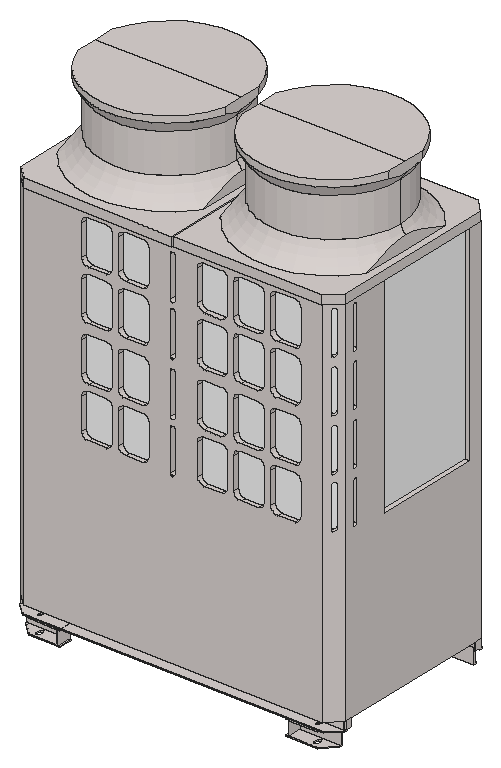
Revit family "PURY-EP400YNW-A1", category 機械設備, Revit 2016
Family settings
  パーツ タイプ = 標準
  丸型コネクタ寸法 = 半径を使用
  OmniClass 番号 = 23.75.00.00
  OmniClass タイトル = Climate Control (HVAC)
  作業面に基づく = いいえ
  常に垂直 = はい
  ロード時にボイドで切り取り = いいえ
  共有 = いいえ
  部屋の計算ポイント = いいえ
Parameters (values of type "PURY-EP400YNW-A1_415V_60Hz")
  モデル = "PURY-EP400YNW-A1"
  Width = 1240.000 mm
  WarrantyStart = ""
  Voltage = 415 V
  Unit Weight (kg) = 276
  URL = "http://www.mitsubishielectric.com/"
  製造元 = "Mitsubishi Electric Corporation"
  Temp. range of heating (Outdoor temp.) (W.B.) = "-20.0 to 15.5"
  Temp. range of heating (Indoor temp.) (D.B.) = "15.0 to 27.0"
  Temp. range of cooling (Outdoor temp.) (D.B.) = "-5.0 to 52.0"
  Temp. range of cooling (Indoor temp.) (W.B.) = "15.0 to 24.0"
  TagNumber = 0
  Subcategory = "HVAC"
  Space View = yes
  Sound Pressure Level (dB(A)) Heating mode = 69
  Sound Pressure Level (dB(A)) Cooling mode = 65
  SerialNumber = 0
  ReplacementYear = "0"
  Refrigerant type = "R410A"
  Refrigerant Charge (kg) = 8
  Protection Devices_Inverter circuit (COMP./FAN) = "Over-current protection"
  Protection Devices_High pressure (MPa) = "High pressure sensor, High pressure switch at 4.15"
  Phase = 3
  Outdoor unit Breaker size (A) = 60
  Note_1 = "Refrigerant pipe diameters may change depending on the installation condition. Please refer to the installation manual."
  Maximum Circuit Ampacity (A) = 30.7
  Low pressure pipe_radius = 14.290 mm
  InstallationDate = "0"
  Indoor Unit Total Capacity = "50 to 150% of outdoor unit capacity"
  Indoor Unit Model/Quantity = "P10 to P250/1 to 40"
  High pressure pipe_radius = 11.100 mm
  Hertz = 60 Hz
  Height = 1858.000 mm
  Heating SCOP (kW/kW) = 4.12
  Heating Rated Load Ampacity (A) = 20.9
  Heating Power Input (kW) = 13.58
  Heating Power Input (Nominal) (kW) = 11.42
  Heating Current Input (Nominal) (A) = 17.6
  Heating Current Input (A) = 20.9
  Heating Capacity (kW) = 50
  Heating Capacity (Nominal) (kW) = 45
  Heating COP (kW/kW) = 3.68
  Heating COP (Nominal) (kW/kW) = 3.94
  Fan_Type = "Propeller Fan"
  Fan_Quantity = 2
  Fan Motor Output (kW) = 0.92
  External static pressure (Pa) = 0
  External Finish = "Pre-coated galvanized steel sheets (+powder coating for -BS type) <MUNSELL 5Y 8/1 or similar>"
  Equip_description = ""
  Equip_No. = 0
  Equip_ID = ""
  Description = ""
  Depth = 740.000 mm
  CreatedOn = ""
  CreatedBy = ""
  Cooling SEER (kW/kW) = 6.63
  Cooling Rated Load Ampacity (A) = 20.1
  Cooling Power Input (kW) = 13.04
  Cooling EER (kW/kW) = 3.45
  Cooling Current Input (A) = 20.1
  Cooling Capacity (kW) = 45
  Compressor_Type = "Inverter scroll hermetic compressor"
  Compressor_Quantity = 1
  Compressor_Lubricant = "MEL32"
  Compressor Motor Output (kW) = "10.8"
  Category = "0"
  Barcode = "0"
  AssetIdentifier = "0"
  Airflow Rate (m3/min) = 315
  Airflow Rate (m3/h) = 18900
Reference planes
  plane 1 "Center (Front/Back)": y = 0
  plane 2: z = 0
  plane 3 "Center (Left/Right)": x = 0
  plane 4: y = 370
  plane 5: z = 1858
  plane 6: y = -260
  plane 7: y = -204
  plane 8: y = -185
  plane 9: x = -620
  plane 10: x = 620
  plane 11: x = -620
  plane 12: z = 716
  plane 13: x = -524
  plane 14: z = 669
  plane 15: x = -50.5
  plane 16: x = 51
  plane 17: x = 489
  plane 18: x = 467
  plane 19 "132": x = 488
  plane 20 "100": z = 160
  plane 21: z = 185
  plane 22: x = 413
  plane 23: x = 364
  plane 24: z = 150
  plane 25: x = -287.25
  plane 26: x = -137.25
  plane 27: x = -272.25
  plane 28: y = -278
  plane 29: z = 1509
  plane 30: y = -370
  plane 31: x = -530
  plane 32: x = 530
  plane 33 "179": y = -191
Forms (mm)
  Extrusion 1, solid, material "Paint_5Y 8/1"
    sketch origin (-1, 0, 113) x (-1, 0, 0) y (0, -1, 0)
      loop
        line (569, -370) -> (619, -320) -> (619, 320) -> (569, 370) -> (-571, 370) -> (-621, 320) -> (-621, -320) -> (-571, -370) -> (569, -370)
    from -18 to 1408
  Extrusion 2, void
    sketch origin (524, -370, 113) x (1, 0, 0) y (0, 0, -1)
      loop
        arc (-60.8, -1393.5) -> (-42.557, -1385.943) -> (-35, -1367.7) r 25.8
        line (-35, -1367.7) -> (-35, -1248.5)
        arc (-35, -1248.5) -> (-42.557, -1230.257) -> (-60.8, -1222.7) r 25.8
        line (-60.8, -1222.7) -> (-126, -1222.7)
        arc (-126, -1222.7) -> (-144.243, -1230.257) -> (-151.8, -1248.5) r 25.8
        line (-151.8, -1248.5) -> (-151.8, -1367.7)
        arc (-151.8, -1367.7) -> (-144.243, -1385.943) -> (-126, -1393.5) r 25.8
        line (-126, -1393.5) -> (-60.8, -1393.5)
    from 0 to 20
  Extrusion 3, void
    sketch origin (524, -370, -81) x (1, 0, 0) y (0, 0, -1)
      loop
        arc (-60.8, -1393.5) -> (-42.557, -1385.943) -> (-35, -1367.7) r 25.8
        line (-35, -1367.7) -> (-35, -1248.5)
        arc (-35, -1248.5) -> (-42.557, -1230.257) -> (-60.8, -1222.7) r 25.8
        line (-60.8, -1222.7) -> (-126, -1222.7)
        arc (-126, -1222.7) -> (-144.243, -1230.257) -> (-151.8, -1248.5) r 25.8
        line (-151.8, -1248.5) -> (-151.8, -1367.7)
        arc (-151.8, -1367.7) -> (-144.243, -1385.943) -> (-126, -1393.5) r 25.8
        line (-126, -1393.5) -> (-60.8, -1393.5)
    from 0 to 20
  Extrusion 4, void
    sketch origin (524, -370, -287) x (1, 0, 0) y (0, 0, -1)
      loop
        arc (-60.8, -1393.5) -> (-42.557, -1385.943) -> (-35, -1367.7) r 25.8
        line (-35, -1367.7) -> (-35, -1248.5)
        arc (-35, -1248.5) -> (-42.557, -1230.257) -> (-60.8, -1222.7) r 25.8
        line (-60.8, -1222.7) -> (-126, -1222.7)
        arc (-126, -1222.7) -> (-144.243, -1230.257) -> (-151.8, -1248.5) r 25.8
        line (-151.8, -1248.5) -> (-151.8, -1367.7)
        arc (-151.8, -1367.7) -> (-144.243, -1385.943) -> (-126, -1393.5) r 25.8
        line (-126, -1393.5) -> (-60.8, -1393.5)
    from 0 to 20
  Extrusion 5, void
    sketch origin (524, -370, -481) x (1, 0, 0) y (0, 0, -1)
      loop
        arc (-60.8, -1393.5) -> (-42.557, -1385.943) -> (-35, -1367.7) r 25.8
        line (-35, -1367.7) -> (-35, -1248.5)
        arc (-35, -1248.5) -> (-42.557, -1230.257) -> (-60.8, -1222.7) r 25.8
        line (-60.8, -1222.7) -> (-126, -1222.7)
        arc (-126, -1222.7) -> (-144.243, -1230.257) -> (-151.8, -1248.5) r 25.8
        line (-151.8, -1248.5) -> (-151.8, -1367.7)
        arc (-151.8, -1367.7) -> (-144.243, -1385.943) -> (-126, -1393.5) r 25.8
        line (-126, -1393.5) -> (-60.8, -1393.5)
    from 0 to 20
  Extrusion 6, void
    sketch origin (384, -370, 113) x (1, 0, 0) y (0, 0, -1)
      loop
        arc (-60.8, -1393.5) -> (-42.557, -1385.943) -> (-35, -1367.7) r 25.8
        line (-35, -1367.7) -> (-35, -1248.5)
        arc (-35, -1248.5) -> (-42.557, -1230.257) -> (-60.8, -1222.7) r 25.8
        line (-60.8, -1222.7) -> (-126, -1222.7)
        arc (-126, -1222.7) -> (-144.243, -1230.257) -> (-151.8, -1248.5) r 25.8
        line (-151.8, -1248.5) -> (-151.8, -1367.7)
        arc (-151.8, -1367.7) -> (-144.243, -1385.943) -> (-126, -1393.5) r 25.8
        line (-126, -1393.5) -> (-60.8, -1393.5)
    from 0 to 20
  Extrusion 7, void
    sketch origin (384, -370, -81) x (1, 0, 0) y (0, 0, -1)
      loop
        arc (-60.8, -1393.5) -> (-42.557, -1385.943) -> (-35, -1367.7) r 25.8
        line (-35, -1367.7) -> (-35, -1248.5)
        arc (-35, -1248.5) -> (-42.557, -1230.257) -> (-60.8, -1222.7) r 25.8
        line (-60.8, -1222.7) -> (-126, -1222.7)
        arc (-126, -1222.7) -> (-144.243, -1230.257) -> (-151.8, -1248.5) r 25.8
        line (-151.8, -1248.5) -> (-151.8, -1367.7)
        arc (-151.8, -1367.7) -> (-144.243, -1385.943) -> (-126, -1393.5) r 25.8
        line (-126, -1393.5) -> (-60.8, -1393.5)
    from 0 to 20
  Extrusion 8, void
    sketch origin (384, -370, -287) x (1, 0, 0) y (0, 0, -1)
      loop
        arc (-60.8, -1393.5) -> (-42.557, -1385.943) -> (-35, -1367.7) r 25.8
        line (-35, -1367.7) -> (-35, -1248.5)
        arc (-35, -1248.5) -> (-42.557, -1230.257) -> (-60.8, -1222.7) r 25.8
        line (-60.8, -1222.7) -> (-126, -1222.7)
        arc (-126, -1222.7) -> (-144.243, -1230.257) -> (-151.8, -1248.5) r 25.8
        line (-151.8, -1248.5) -> (-151.8, -1367.7)
        arc (-151.8, -1367.7) -> (-144.243, -1385.943) -> (-126, -1393.5) r 25.8
        line (-126, -1393.5) -> (-60.8, -1393.5)
    from 0 to 20
  Extrusion 9, void
    sketch origin (384, -370, -481) x (1, 0, 0) y (0, 0, -1)
      loop
        arc (-60.8, -1393.5) -> (-42.557, -1385.943) -> (-35, -1367.7) r 25.8
        line (-35, -1367.7) -> (-35, -1248.5)
        arc (-35, -1248.5) -> (-42.557, -1230.257) -> (-60.8, -1222.7) r 25.8
        line (-60.8, -1222.7) -> (-126, -1222.7)
        arc (-126, -1222.7) -> (-144.243, -1230.257) -> (-151.8, -1248.5) r 25.8
        line (-151.8, -1248.5) -> (-151.8, -1367.7)
        arc (-151.8, -1367.7) -> (-144.243, -1385.943) -> (-126, -1393.5) r 25.8
        line (-126, -1393.5) -> (-60.8, -1393.5)
    from 0 to 20
  Extrusion 10, void
    sketch origin (244, -370, 113) x (1, 0, 0) y (0, 0, -1)
      loop
        arc (-60.8, -1393.5) -> (-42.557, -1385.943) -> (-35, -1367.7) r 25.8
        line (-35, -1367.7) -> (-35, -1248.5)
        arc (-35, -1248.5) -> (-42.557, -1230.257) -> (-60.8, -1222.7) r 25.8
        line (-60.8, -1222.7) -> (-126, -1222.7)
        arc (-126, -1222.7) -> (-144.243, -1230.257) -> (-151.8, -1248.5) r 25.8
        line (-151.8, -1248.5) -> (-151.8, -1367.7)
        arc (-151.8, -1367.7) -> (-144.243, -1385.943) -> (-126, -1393.5) r 25.8
        line (-126, -1393.5) -> (-60.8, -1393.5)
    from 0 to 20
  Extrusion 11, void
    sketch origin (244, -370, -81) x (1, 0, 0) y (0, 0, -1)
      loop
        arc (-60.8, -1393.5) -> (-42.557, -1385.943) -> (-35, -1367.7) r 25.8
        line (-35, -1367.7) -> (-35, -1248.5)
        arc (-35, -1248.5) -> (-42.557, -1230.257) -> (-60.8, -1222.7) r 25.8
        line (-60.8, -1222.7) -> (-126, -1222.7)
        arc (-126, -1222.7) -> (-144.243, -1230.257) -> (-151.8, -1248.5) r 25.8
        line (-151.8, -1248.5) -> (-151.8, -1367.7)
        arc (-151.8, -1367.7) -> (-144.243, -1385.943) -> (-126, -1393.5) r 25.8
        line (-126, -1393.5) -> (-60.8, -1393.5)
    from 0 to 20
  Extrusion 12, void
    sketch origin (244, -370, -287) x (1, 0, 0) y (0, 0, -1)
      loop
        arc (-60.8, -1393.5) -> (-42.557, -1385.943) -> (-35, -1367.7) r 25.8
        line (-35, -1367.7) -> (-35, -1248.5)
        arc (-35, -1248.5) -> (-42.557, -1230.257) -> (-60.8, -1222.7) r 25.8
        line (-60.8, -1222.7) -> (-126, -1222.7)
        arc (-126, -1222.7) -> (-144.243, -1230.257) -> (-151.8, -1248.5) r 25.8
        line (-151.8, -1248.5) -> (-151.8, -1367.7)
        arc (-151.8, -1367.7) -> (-144.243, -1385.943) -> (-126, -1393.5) r 25.8
        line (-126, -1393.5) -> (-60.8, -1393.5)
    from 0 to 20
  Extrusion 13, void
    sketch origin (244, -370, -481) x (1, 0, 0) y (0, 0, -1)
      loop
        arc (-60.8, -1393.5) -> (-42.557, -1385.943) -> (-35, -1367.7) r 25.8
        line (-35, -1367.7) -> (-35, -1248.5)
        arc (-35, -1248.5) -> (-42.557, -1230.257) -> (-60.8, -1222.7) r 25.8
        line (-60.8, -1222.7) -> (-126, -1222.7)
        arc (-126, -1222.7) -> (-144.243, -1230.257) -> (-151.8, -1248.5) r 25.8
        line (-151.8, -1248.5) -> (-151.8, -1367.7)
        arc (-151.8, -1367.7) -> (-144.243, -1385.943) -> (-126, -1393.5) r 25.8
        line (-126, -1393.5) -> (-60.8, -1393.5)
    from 0 to 20
  Extrusion 14, void
    sketch origin (-56, -370, 113) x (1, 0, 0) y (0, 0, -1)
      loop
        arc (-60.8, -1393.5) -> (-42.557, -1385.943) -> (-35, -1367.7) r 25.8
        line (-35, -1367.7) -> (-35, -1248.5)
        arc (-35, -1248.5) -> (-42.557, -1230.257) -> (-60.8, -1222.7) r 25.8
        line (-60.8, -1222.7) -> (-126, -1222.7)
        arc (-126, -1222.7) -> (-144.243, -1230.257) -> (-151.8, -1248.5) r 25.8
        line (-151.8, -1248.5) -> (-151.8, -1367.7)
        arc (-151.8, -1367.7) -> (-144.243, -1385.943) -> (-126, -1393.5) r 25.8
        line (-126, -1393.5) -> (-60.8, -1393.5)
    from 0 to 20
  Extrusion 15, void
    sketch origin (-56, -370, -81) x (1, 0, 0) y (0, 0, -1)
      loop
        arc (-60.8, -1393.5) -> (-42.557, -1385.943) -> (-35, -1367.7) r 25.8
        line (-35, -1367.7) -> (-35, -1248.5)
        arc (-35, -1248.5) -> (-42.557, -1230.257) -> (-60.8, -1222.7) r 25.8
        line (-60.8, -1222.7) -> (-126, -1222.7)
        arc (-126, -1222.7) -> (-144.243, -1230.257) -> (-151.8, -1248.5) r 25.8
        line (-151.8, -1248.5) -> (-151.8, -1367.7)
        arc (-151.8, -1367.7) -> (-144.243, -1385.943) -> (-126, -1393.5) r 25.8
        line (-126, -1393.5) -> (-60.8, -1393.5)
    from 0 to 20
  Extrusion 16, void
    sketch origin (-56, -370, -287) x (1, 0, 0) y (0, 0, -1)
      loop
        arc (-60.8, -1393.5) -> (-42.557, -1385.943) -> (-35, -1367.7) r 25.8
        line (-35, -1367.7) -> (-35, -1248.5)
        arc (-35, -1248.5) -> (-42.557, -1230.257) -> (-60.8, -1222.7) r 25.8
        line (-60.8, -1222.7) -> (-126, -1222.7)
        arc (-126, -1222.7) -> (-144.243, -1230.257) -> (-151.8, -1248.5) r 25.8
        line (-151.8, -1248.5) -> (-151.8, -1367.7)
        arc (-151.8, -1367.7) -> (-144.243, -1385.943) -> (-126, -1393.5) r 25.8
        line (-126, -1393.5) -> (-60.8, -1393.5)
    from 0 to 20
  Extrusion 17, void
    sketch origin (-56, -370, -481) x (1, 0, 0) y (0, 0, -1)
      loop
        arc (-60.8, -1393.5) -> (-42.557, -1385.943) -> (-35, -1367.7) r 25.8
        line (-35, -1367.7) -> (-35, -1248.5)
        arc (-35, -1248.5) -> (-42.557, -1230.257) -> (-60.8, -1222.7) r 25.8
        line (-60.8, -1222.7) -> (-126, -1222.7)
        arc (-126, -1222.7) -> (-144.243, -1230.257) -> (-151.8, -1248.5) r 25.8
        line (-151.8, -1248.5) -> (-151.8, -1367.7)
        arc (-151.8, -1367.7) -> (-144.243, -1385.943) -> (-126, -1393.5) r 25.8
        line (-126, -1393.5) -> (-60.8, -1393.5)
    from 0 to 20
  Extrusion 18, void
    sketch origin (-196, -370, 113) x (1, 0, 0) y (0, 0, -1)
      loop
        arc (-60.8, -1393.5) -> (-42.557, -1385.943) -> (-35, -1367.7) r 25.8
        line (-35, -1367.7) -> (-35, -1248.5)
        arc (-35, -1248.5) -> (-42.557, -1230.257) -> (-60.8, -1222.7) r 25.8
        line (-60.8, -1222.7) -> (-126, -1222.7)
        arc (-126, -1222.7) -> (-144.243, -1230.257) -> (-151.8, -1248.5) r 25.8
        line (-151.8, -1248.5) -> (-151.8, -1367.7)
        arc (-151.8, -1367.7) -> (-144.243, -1385.943) -> (-126, -1393.5) r 25.8
        line (-126, -1393.5) -> (-60.8, -1393.5)
    from 0 to 20
  Extrusion 19, void
    sketch origin (-196, -370, -81) x (1, 0, 0) y (0, 0, -1)
      loop
        arc (-60.8, -1393.5) -> (-42.557, -1385.943) -> (-35, -1367.7) r 25.8
        line (-35, -1367.7) -> (-35, -1248.5)
        arc (-35, -1248.5) -> (-42.557, -1230.257) -> (-60.8, -1222.7) r 25.8
        line (-60.8, -1222.7) -> (-126, -1222.7)
        arc (-126, -1222.7) -> (-144.243, -1230.257) -> (-151.8, -1248.5) r 25.8
        line (-151.8, -1248.5) -> (-151.8, -1367.7)
        arc (-151.8, -1367.7) -> (-144.243, -1385.943) -> (-126, -1393.5) r 25.8
        line (-126, -1393.5) -> (-60.8, -1393.5)
    from 0 to 20
  Extrusion 20, void
    sketch origin (-196, -370, -287) x (1, 0, 0) y (0, 0, -1)
      loop
        arc (-60.8, -1393.5) -> (-42.557, -1385.943) -> (-35, -1367.7) r 25.8
        line (-35, -1367.7) -> (-35, -1248.5)
        arc (-35, -1248.5) -> (-42.557, -1230.257) -> (-60.8, -1222.7) r 25.8
        line (-60.8, -1222.7) -> (-126, -1222.7)
        arc (-126, -1222.7) -> (-144.243, -1230.257) -> (-151.8, -1248.5) r 25.8
        line (-151.8, -1248.5) -> (-151.8, -1367.7)
        arc (-151.8, -1367.7) -> (-144.243, -1385.943) -> (-126, -1393.5) r 25.8
        line (-126, -1393.5) -> (-60.8, -1393.5)
    from 0 to 20
  Extrusion 21, void
    sketch origin (-196, -370, -481) x (1, 0, 0) y (0, 0, -1)
      loop
        arc (-60.8, -1393.5) -> (-42.557, -1385.943) -> (-35, -1367.7) r 25.8
        line (-35, -1367.7) -> (-35, -1248.5)
        arc (-35, -1248.5) -> (-42.557, -1230.257) -> (-60.8, -1222.7) r 25.8
        line (-60.8, -1222.7) -> (-126, -1222.7)
        arc (-126, -1222.7) -> (-144.243, -1230.257) -> (-151.8, -1248.5) r 25.8
        line (-151.8, -1248.5) -> (-151.8, -1367.7)
        arc (-151.8, -1367.7) -> (-144.243, -1385.943) -> (-126, -1393.5) r 25.8
        line (-126, -1393.5) -> (-60.8, -1393.5)
    from 0 to 20
  Extrusion 22, void
    sketch origin (620, 320, 113) x (0, 1, 0) y (0, 0, -1)
      loop
        line (-462.3, -1408) -> (-50.8, -1408) -> (-50.8, -612) -> (-462.3, -612) -> (-462.3, -1408)
    from 0 to 20
  Extrusion 23, void
    sketch origin (-620, -320, 113) x (0, -1, 0) y (0, 0, -1)
      loop
        line (-535.7, -1408) -> (-207.7, -1408) -> (-207.7, -592) -> (-535.7, -592) -> (-535.7, -1408)
    from 0 to 20
  Extrusion 24, void
    sketch origin (194.892, 370, 113) x (-1, 0, 0) y (0, 0, -1)
      loop
        arc (204.892, -1225.013) -> (194.892, -1215.013) -> (184.892, -1225.013) r 10
        line (184.892, -1225.013) -> (184.892, -1379.987)
        arc (184.892, -1379.987) -> (194.892, -1389.987) -> (204.892, -1379.987) r 10
        line (204.892, -1379.987) -> (204.892, -1225.013)
      loop
        arc (204.892, -1031.013) -> (194.892, -1021.013) -> (184.892, -1031.013) r 10
        line (184.892, -1031.013) -> (184.892, -1185.987)
        arc (184.892, -1185.987) -> (194.892, -1195.987) -> (204.892, -1185.987) r 10
        line (204.892, -1185.987) -> (204.892, -1031.013)
      loop
        arc (204.892, -825.013) -> (194.892, -815.013) -> (184.892, -825.013) r 10
        line (184.892, -825.013) -> (184.892, -979.987)
        arc (184.892, -979.987) -> (194.892, -989.987) -> (204.892, -979.987) r 10
        line (204.892, -979.987) -> (204.892, -825.013)
      loop
        arc (204.892, -631.013) -> (194.892, -621.013) -> (184.892, -631.013) r 10
        line (184.892, -631.013) -> (184.892, -785.987)
        arc (184.892, -785.987) -> (194.892, -795.987) -> (204.892, -785.987) r 10
        line (204.892, -785.987) -> (204.892, -631.013)
    from 0 to 20
  Extrusion 25, void
    sketch origin (-570, 370, 113) x (0.707107, 0.707107, 0) y (0, 0, 1)
      loop
        arc (-45.355, 1236) -> (-35.355, 1226) -> (-25.355, 1236) r 10
        line (-25.355, 1236) -> (-25.355, 1386)
        arc (-25.355, 1386) -> (-35.355, 1396) -> (-45.355, 1386) r 10
        line (-45.355, 1386) -> (-45.355, 1236)
      loop
        arc (-45.355, 1036) -> (-35.355, 1026) -> (-25.355, 1036) r 10
        line (-25.355, 1036) -> (-25.355, 1186)
        arc (-25.355, 1186) -> (-35.355, 1196) -> (-45.355, 1186) r 10
        line (-45.355, 1186) -> (-45.355, 1036)
      loop
        arc (-45.355, 836) -> (-35.355, 826) -> (-25.355, 836) r 10
        line (-25.355, 836) -> (-25.355, 986)
        arc (-25.355, 986) -> (-35.355, 996) -> (-45.355, 986) r 10
        line (-45.355, 986) -> (-45.355, 836)
      loop
        arc (-45.355, 641) -> (-35.355, 631) -> (-25.355, 641) r 10
        line (-25.355, 641) -> (-25.355, 791)
        arc (-25.355, 791) -> (-35.355, 801) -> (-45.355, 791) r 10
        line (-45.355, 791) -> (-45.355, 641)
    from 0 to 20
  Extrusion 26, void
    sketch origin (-620, -320, 113) x (0, -1, 0) y (0, 0, -1)
      loop
        line (-607.846, -1035.895) -> (-607.846, -1186.105)
        arc (-607.846, -1186.105) -> (-597.846, -1196.105) -> (-587.846, -1186.105) r 10
        line (-587.846, -1186.105) -> (-587.846, -1035.895)
        arc (-587.846, -1035.895) -> (-597.846, -1025.895) -> (-607.846, -1035.895) r 10
      loop
        line (-607.846, -835.895) -> (-607.846, -986.105)
        arc (-607.846, -986.105) -> (-597.846, -996.105) -> (-587.846, -986.105) r 10
        line (-587.846, -986.105) -> (-587.846, -835.895)
        arc (-587.846, -835.895) -> (-597.846, -825.895) -> (-607.846, -835.895) r 10
      loop
        line (-607.846, -1235.895) -> (-607.846, -1386.105)
        arc (-607.846, -1386.105) -> (-597.846, -1396.105) -> (-587.846, -1386.105) r 10
        line (-587.846, -1386.105) -> (-587.846, -1235.895)
        arc (-587.846, -1235.895) -> (-597.846, -1225.895) -> (-607.846, -1235.895) r 10
      loop
        line (-607.846, -635.895) -> (-607.846, -786.105)
        arc (-607.846, -786.105) -> (-597.846, -796.105) -> (-587.846, -786.105) r 10
        line (-587.846, -786.105) -> (-587.846, -635.895)
        arc (-587.846, -635.895) -> (-597.846, -625.895) -> (-607.846, -635.895) r 10
    from 0 to 20
  Extrusion 27, void
    sketch origin (1079, -370, 113) x (1, 0, 0) y (0, 0, -1)
      loop
        arc (-1089, -1379.975) -> (-1079, -1389.975) -> (-1069, -1379.975) r 10
        line (-1069, -1379.975) -> (-1069, -1225)
        arc (-1069, -1225) -> (-1079, -1215) -> (-1089, -1225) r 10
        line (-1089, -1225) -> (-1089, -1379.975)
      loop
        arc (-1089, -1185.975) -> (-1079, -1195.975) -> (-1069, -1185.975) r 10
        line (-1069, -1185.975) -> (-1069, -1031)
        arc (-1069, -1031) -> (-1079, -1021) -> (-1089, -1031) r 10
        line (-1089, -1031) -> (-1089, -1185.975)
      loop
        arc (-1089, -979.975) -> (-1079, -989.975) -> (-1069, -979.975) r 10
        line (-1069, -979.975) -> (-1069, -825)
        arc (-1069, -825) -> (-1079, -815) -> (-1089, -825) r 10
        line (-1089, -825) -> (-1089, -979.975)
      loop
        arc (-1089, -785.975) -> (-1079, -795.975) -> (-1069, -785.975) r 10
        line (-1069, -785.975) -> (-1069, -631)
        arc (-1069, -631) -> (-1079, -621) -> (-1089, -631) r 10
        line (-1089, -631) -> (-1089, -785.975)
    from 0 to 20
  Extrusion 28, void
    sketch origin (-571, 370, 113) x (-1, 0, 0) y (0, 0, -1)
      loop
        line (-519.5, -1408) -> (-48, -1408) -> (-48, -556) -> (-519.5, -556) -> (-519.5, -1408)
    from 0 to 20
  Extrusion 29, void
    sketch origin (-571, 370, 113) x (-1, 0, 0) y (0, 0, -1)
      loop
        line (-1038, -1408) -> (-622, -1408) -> (-622, -556) -> (-1038, -556) -> (-1038, -1408)
    from 0 to 20
  Extrusion 30, void
    sketch origin (620, 320, 113) x (0, 1, 0) y (0, 0, -1)
      loop
        arc (-588, -1035.791) -> (-598, -1025.791) -> (-608, -1035.791) r 10
        line (-608, -1035.791) -> (-608, -1186)
        arc (-608, -1186) -> (-598, -1196) -> (-588, -1186) r 10
        line (-588, -1186) -> (-588, -1035.791)
      loop
        arc (-588, -835.791) -> (-598, -825.791) -> (-608, -835.791) r 10
        line (-608, -835.791) -> (-608, -986)
        arc (-608, -986) -> (-598, -996) -> (-588, -986) r 10
        line (-588, -986) -> (-588, -835.791)
      loop
        arc (-588, -1235.791) -> (-598, -1225.791) -> (-608, -1235.791) r 10
        line (-608, -1235.791) -> (-608, -1386)
        arc (-608, -1386) -> (-598, -1396) -> (-588, -1386) r 10
        line (-588, -1386) -> (-588, -1235.791)
      loop
        arc (-588, -635.791) -> (-598, -625.791) -> (-608, -635.791) r 10
        line (-608, -635.791) -> (-608, -786)
        arc (-608, -786) -> (-598, -796) -> (-588, -786) r 10
        line (-588, -786) -> (-588, -635.791)
    from 0 to 20
  Extrusion 31, void
    sketch origin (1291.751, 351.751, 113) x (0.707107, 0.707107, 0) y (0, 0, -1)
      loop
        line (-995.311, -1236) -> (-995.311, -1386)
        arc (-995.311, -1386) -> (-985.311, -1396) -> (-975.311, -1386) r 10
        line (-975.311, -1386) -> (-975.311, -1236)
        arc (-975.311, -1236) -> (-985.311, -1226) -> (-995.311, -1236) r 10
      loop
        line (-995.311, -1036) -> (-995.311, -1186)
        arc (-995.311, -1186) -> (-985.311, -1196) -> (-975.311, -1186) r 10
        line (-975.311, -1186) -> (-975.311, -1036)
        arc (-975.311, -1036) -> (-985.311, -1026) -> (-995.311, -1036) r 10
      loop
        line (-995.311, -836) -> (-995.311, -986)
        arc (-995.311, -986) -> (-985.311, -996) -> (-975.311, -986) r 10
        line (-975.311, -986) -> (-975.311, -836)
        arc (-975.311, -836) -> (-985.311, -826) -> (-995.311, -836) r 10
      loop
        line (-995.311, -641) -> (-995.311, -791)
        arc (-995.311, -791) -> (-985.311, -801) -> (-975.311, -791) r 10
        line (-975.311, -791) -> (-975.311, -641)
        arc (-975.311, -641) -> (-985.311, -631) -> (-995.311, -641) r 10
    from 0 to 20
  Extrusion 32, void
    sketch origin (0, -191, 0) x (-1, 0, 0) y (0, 0, 1)
      loop
        circle (460, 176) r 11.1
    from 0 to 78.7
  Extrusion 33, void
    sketch origin (0, -191, 0) x (-1, 0, 0) y (0, 0, 1)
      loop
        circle (377, 176) r 14.29
    from 0 to 78.7
Cuts and joins
  Extrusion 2, Extrusion 3, Extrusion 4, Extrusion 5, Extrusion 6, Extrusion 7, Extrusion 8, Extrusion 9, Extrusion 10, Extrusion 11, Extrusion 12, Extrusion 13, Extrusion 14, Extrusion 15, Extrusion 16, Extrusion 17, Extrusion 18, Extrusion 19, Extrusion 20, Extrusion 21, Extrusion 22, Extrusion 23, Extrusion 24, Extrusion 25, Extrusion 26, Extrusion 27, Extrusion 28, Extrusion 29, Extrusion 30, Extrusion 31, Extrusion 32, Extrusion 33 cuts Extrusion 1
Lines and regions (mm)
  model lines
    curve 1: line (-351, -291, 95) -> (-481, -291, 95)
    curve 2: line (-342, -206, 95) -> (-342, -282, 95)
    curve 3: line (-481, -197, 95) -> (-351, -197, 95)
    curve 4: line (-492, -280, 95) -> (-492, -208, 95)
    curve 5: arc (-492, -280, 95) -> (-488.778, -287.778, 95) -> (-481, -291, 95) r 11
    curve 6: arc (-351, -291, 95) -> (-344.636, -288.364, 95) -> (-342, -282, 95) r 9
    curve 7: arc (-342, -206, 95) -> (-344.636, -199.636, 95) -> (-351, -197, 95) r 9
    curve 8: arc (-481, -197, 95) -> (-488.778, -200.222, 95) -> (-492, -208, 95) r 11
    curve 9: line (-30, -370, 1521) -> (-30, -370, 95)
    curve 10: line (30, -370, 1521) -> (30, -370, 95)
    curve 11: line (-485, -370, 215) -> (-357, -370, 215)
    curve 12: line (-495, -370, 141) -> (-495, -370, 205)
    curve 13: line (-357, -370, 131) -> (-485, -370, 131)
    curve 14: line (-347, -370, 205) -> (-347, -370, 141)
    curve 15: arc (-485, -370, 215) -> (-492.071, -370, 212.071) -> (-495, -370, 205) r 10
    curve 16: arc (-495, -370, 141) -> (-492.071, -370, 133.929) -> (-485, -370, 131) r 10
    curve 17: arc (-357, -370, 131) -> (-349.929, -370, 133.929) -> (-347, -370, 141) r 10
    curve 18: arc (-347, -370, 205) -> (-349.929, -370, 212.071) -> (-357, -370, 215) r 10
    curve 19: line (-405, -370, 1521) -> (-405, -370, 716)
    curve 20: line (620, -162.3, 1521) -> (620, -162.3, 95)
    curve 21: line (620, 289.2, 1521) -> (620, 289.2, 95)
    curve 22: line (620, -162.3, 705) -> (620, 289.2, 705)
    curve 23: line (620, -162.3, 725) -> (620, 289.2, 725)
    curve 24: line (620, -76.8, 583) -> (620, 203.2, 583)
    curve 25: line (620, 203.2, 563) -> (620, -76.8, 563)
    curve 26: arc (620, -76.8, 583) -> (620, -83.871, 580.071) -> (620, -86.8, 573) r 10
    curve 27: arc (620, -76.8, 563) -> (620, -83.871, 565.929) -> (620, -86.8, 573) r 10
    curve 28: arc (620, 203.2, 583) -> (620, 210.271, 580.071) -> (620, 213.2, 573) r 10
    curve 29: arc (620, 203.2, 563) -> (620, 210.271, 565.929) -> (620, 213.2, 573) r 10
    curve 30: line (620, -76.8, 478) -> (620, 203.2, 478)
    curve 31: line (620, 203.2, 458) -> (620, -76.8, 458)
    curve 32: arc (620, -76.8, 478) -> (620, -83.871, 475.071) -> (620, -86.8, 468) r 10
    curve 33: arc (620, -76.8, 458) -> (620, -83.871, 460.929) -> (620, -86.8, 468) r 10
    curve 34: arc (620, 203.2, 478) -> (620, 210.271, 475.071) -> (620, 213.2, 468) r 10
    curve 35: arc (620, 203.2, 458) -> (620, 210.271, 460.929) -> (620, 213.2, 468) r 10
    curve 36: line (620, -76.8, 373) -> (620, 203.2, 373)
    curve 37: line (620, 203.2, 353) -> (620, -76.8, 353)
    curve 38: arc (620, -76.8, 373) -> (620, -83.871, 370.071) -> (620, -86.8, 363) r 10
    curve 39: arc (620, -76.8, 353) -> (620, -83.871, 355.929) -> (620, -86.8, 363) r 10
    curve 40: arc (620, 203.2, 373) -> (620, 210.271, 370.071) -> (620, 213.2, 363) r 10
    curve 41: arc (620, 203.2, 353) -> (620, 210.271, 355.929) -> (620, 213.2, 363) r 10
    curve 42: line (620, -76.8, 268) -> (620, 203.2, 268)
    curve 43: line (620, 203.2, 248) -> (620, -76.8, 248)
    curve 44: arc (620, -76.8, 268) -> (620, -83.871, 265.071) -> (620, -86.8, 258) r 10
    curve 45: arc (620, -76.8, 248) -> (620, -83.871, 250.929) -> (620, -86.8, 258) r 10
    curve 46: arc (620, 203.2, 268) -> (620, 210.271, 265.071) -> (620, 213.2, 258) r 10
    curve 47: arc (620, 203.2, 248) -> (620, 210.271, 250.929) -> (620, 213.2, 258) r 10
    curve 48: line (-620, -162.3, 1521) -> (-620, -162.3, 95)
    curve 49: line (-620, 235.7, 1521) -> (-620, 235.7, 95)
    curve 50: line (-620, -112.3, 1521) -> (-620, -112.3, 705)
    curve 51: line (-620, 215.7, 1521) -> (-620, 215.7, 705)
    curve 52: line (-620, 235.7, 705) -> (-620, -162.3, 705)
    curve 53: line (-620, 176.7, 268) -> (-620, -103.3, 268)
    curve 54: line (-620, -103.3, 248) -> (-620, 176.7, 248)
    curve 55: arc (-620, 186.7, 258) -> (-620, 183.771, 265.071) -> (-620, 176.7, 268) r 10
    curve 56: arc (-620, 176.7, 248) -> (-620, 183.771, 250.929) -> (-620, 186.7, 258) r 10
    curve 57: arc (-620, -103.3, 268) -> (-620, -110.371, 265.071) -> (-620, -113.3, 258) r 10
    curve 58: arc (-620, -113.3, 258) -> (-620, -110.371, 250.929) -> (-620, -103.3, 248) r 10
    curve 59: line (-620, 176.7, 373) -> (-620, -103.3, 373)
    curve 60: line (-620, -103.3, 353) -> (-620, 176.7, 353)
    curve 61: arc (-620, 186.7, 363) -> (-620, 183.771, 370.071) -> (-620, 176.7, 373) r 10
    curve 62: arc (-620, 176.7, 353) -> (-620, 183.771, 355.929) -> (-620, 186.7, 363) r 10
    curve 63: arc (-620, -103.3, 373) -> (-620, -110.371, 370.071) -> (-620, -113.3, 363) r 10
    curve 64: arc (-620, -113.3, 363) -> (-620, -110.371, 355.929) -> (-620, -103.3, 353) r 10
    curve 65: line (-620, 176.7, 478) -> (-620, -103.3, 478)
    curve 66: line (-620, -103.3, 458) -> (-620, 176.7, 458)
    curve 67: arc (-620, 186.7, 468) -> (-620, 183.771, 475.071) -> (-620, 176.7, 478) r 10
    curve 68: arc (-620, 176.7, 458) -> (-620, 183.771, 460.929) -> (-620, 186.7, 468) r 10
    curve 69: arc (-620, -103.3, 478) -> (-620, -110.371, 475.071) -> (-620, -113.3, 468) r 10
    curve 70: arc (-620, -113.3, 468) -> (-620, -110.371, 460.929) -> (-620, -103.3, 458) r 10
    curve 71: line (-620, 176.7, 583) -> (-620, -103.3, 583)
    curve 72: line (-620, -103.3, 563) -> (-620, 176.7, 563)
    curve 73: arc (-620, 186.7, 573) -> (-620, 183.771, 580.071) -> (-620, 176.7, 583) r 10
    curve 74: arc (-620, 176.7, 563) -> (-620, 183.771, 565.929) -> (-620, 186.7, 573) r 10
    curve 75: arc (-620, -103.3, 583) -> (-620, -110.371, 580.071) -> (-620, -113.3, 573) r 10
    curve 76: arc (-620, -113.3, 573) -> (-620, -110.371, 565.929) -> (-620, -103.3, 563) r 10
    curve 77: line (-544, 370, 1521) -> (-544, 370, 95)
    curve 78: line (489, 370, 649) -> (30, 370, 649)
    curve 79: line (-30.5, 370, 649) -> (-544, 370, 649)
    curve 80: line (-147.25, 370, 584) -> (-427.25, 370, 584)
    curve 81: line (-427.25, 370, 564) -> (-147.25, 370, 564)
    curve 82: arc (-137.25, 370, 574) -> (-140.179, 370, 581.071) -> (-147.25, 370, 584) r 10
    curve 83: arc (-147.25, 370, 564) -> (-140.179, 370, 566.929) -> (-137.25, 370, 574) r 10
    curve 84: arc (-427.25, 370, 584) -> (-434.321, 370, 581.071) -> (-437.25, 370, 574) r 10
    curve 85: arc (-437.25, 370, 574) -> (-434.321, 370, 566.929) -> (-427.25, 370, 564) r 10
    curve 86: circle (448, -185, 1521) r 15 normal (0, 0, 1)
    curve 87: circle (468, -185, 95) r 26 normal (0, 0, 1)
    curve 88: circle (448, -260, 95) r 32.5 normal (0, 0, 1)
    curve 89: circle (404, -204, 95) r 17 normal (0, 0, 1)
    curve 90: line (-550, -370, 1521) -> (-550, -370, 95)
    curve 91: line (-550, -370, 716) -> (-30, -370, 716)
    curve 92: line (550, -370, 95) -> (550, -370, 1521)
    curve 93: line (30, -370, 716) -> (550, -370, 716)
    curve 94: line (-30.5, 370, 1521) -> (-30.5, 370, 95)
    curve 95: line (30, 370, 1521) -> (30, 370, 95)
    curve 96: line (489, 370, 1521) -> (489, 370, 95)
    curve 97: line (467, 370, 669) -> (467, 370, 649)
    curve 98: line (-352, -370, 223) -> (-550, -370, 223)
    curve 99: line (-342, -370, 213) -> (-342, -370, 95)
    curve 100: arc (-342, -370, 213) -> (-344.929, -370, 220.071) -> (-352, -370, 223) r 10
    curve 101: circle (488, -370, 160) r 32.5 normal (0, -1, 0)
    curve 102: circle (488, -370, 160) r 20 normal (0, -1, 0)
    curve 103: circle (364, -370, 150) r 17 normal (0, -1, 0)
    curve 104: circle (413, -370, 185) r 26 normal (0, -1, 0)
    curve 105: circle (413, -370, 185) r 13.5 normal (0, -1, 0)
    curve 106: line (352, -370, 223) -> (550, -370, 223)
    curve 107: line (342, -370, 213) -> (342, -370, 95)
    curve 108: arc (342, -370, 213) -> (344.929, -370, 220.071) -> (352, -370, 223) r 10
    curve 109: line (-147.25, 370, 479) -> (-427.25, 370, 479)
    curve 110: line (-427.25, 370, 459) -> (-147.25, 370, 459)
    curve 111: arc (-137.25, 370, 469) -> (-140.179, 370, 476.071) -> (-147.25, 370, 479) r 10
    curve 112: arc (-147.25, 370, 459) -> (-140.179, 370, 461.929) -> (-137.25, 370, 469) r 10
    curve 113: arc (-427.25, 370, 479) -> (-434.321, 370, 476.071) -> (-437.25, 370, 469) r 10
    curve 114: arc (-437.25, 370, 469) -> (-434.321, 370, 461.929) -> (-427.25, 370, 459) r 10
    curve 115: line (-147.25, 370, 374) -> (-427.25, 370, 374)
    curve 116: line (-427.25, 370, 354) -> (-147.25, 370, 354)
    curve 117: arc (-137.25, 370, 364) -> (-140.179, 370, 371.071) -> (-147.25, 370, 374) r 10
    curve 118: arc (-147.25, 370, 354) -> (-140.179, 370, 356.929) -> (-137.25, 370, 364) r 10
    curve 119: arc (-427.25, 370, 374) -> (-434.321, 370, 371.071) -> (-437.25, 370, 364) r 10
    curve 120: arc (-437.25, 370, 364) -> (-434.321, 370, 356.929) -> (-427.25, 370, 354) r 10
    curve 121: line (-147.25, 370, 269) -> (-427.25, 370, 269)
    curve 122: line (-427.25, 370, 249) -> (-147.25, 370, 249)
    curve 123: arc (-137.25, 370, 259) -> (-140.179, 370, 266.071) -> (-147.25, 370, 269) r 10
    curve 124: arc (-147.25, 370, 249) -> (-140.179, 370, 251.929) -> (-137.25, 370, 259) r 10
    curve 125: arc (-427.25, 370, 269) -> (-434.321, 370, 266.071) -> (-437.25, 370, 259) r 10
    curve 126: arc (-437.25, 370, 259) -> (-434.321, 370, 251.929) -> (-427.25, 370, 249) r 10
    curve 127: line (399.5, 370, 584) -> (119.5, 370, 584)
    curve 128: line (119.5, 370, 564) -> (399.5, 370, 564)
    curve 129: arc (409.5, 370, 574) -> (406.571, 370, 581.071) -> (399.5, 370, 584) r 10
    curve 130: arc (399.5, 370, 564) -> (406.571, 370, 566.929) -> (409.5, 370, 574) r 10
    curve 131: arc (119.5, 370, 584) -> (112.429, 370, 581.071) -> (109.5, 370, 574) r 10
    curve 132: arc (109.5, 370, 574) -> (112.429, 370, 566.929) -> (119.5, 370, 564) r 10
    curve 133: line (399.5, 370, 479) -> (119.5, 370, 479)
    curve 134: line (119.5, 370, 459) -> (399.5, 370, 459)
    curve 135: arc (409.5, 370, 469) -> (406.571, 370, 476.071) -> (399.5, 370, 479) r 10
    curve 136: arc (399.5, 370, 459) -> (406.571, 370, 461.929) -> (409.5, 370, 469) r 10
    curve 137: arc (119.5, 370, 479) -> (112.429, 370, 476.071) -> (109.5, 370, 469) r 10
    curve 138: arc (109.5, 370, 469) -> (112.429, 370, 461.929) -> (119.5, 370, 459) r 10
    curve 139: line (399.5, 370, 374) -> (119.5, 370, 374)
    curve 140: line (119.5, 370, 354) -> (399.5, 370, 354)
    curve 141: arc (409.5, 370, 364) -> (406.571, 370, 371.071) -> (399.5, 370, 374) r 10
    curve 142: arc (399.5, 370, 354) -> (406.571, 370, 356.929) -> (409.5, 370, 364) r 10
    curve 143: arc (119.5, 370, 374) -> (112.429, 370, 371.071) -> (109.5, 370, 364) r 10
    curve 144: arc (109.5, 370, 364) -> (112.429, 370, 356.929) -> (119.5, 370, 354) r 10
    curve 145: line (399.5, 370, 269) -> (119.5, 370, 269)
    curve 146: line (119.5, 370, 249) -> (399.5, 370, 249)
    curve 147: arc (409.5, 370, 259) -> (406.571, 370, 266.071) -> (399.5, 370, 269) r 10
    curve 148: arc (399.5, 370, 249) -> (406.571, 370, 251.929) -> (409.5, 370, 259) r 10
    curve 149: arc (119.5, 370, 269) -> (112.429, 370, 266.071) -> (109.5, 370, 259) r 10
    curve 150: arc (109.5, 370, 259) -> (112.429, 370, 251.929) -> (119.5, 370, 249) r 10
    curve 151: line (399.5, -370, 584) -> (119.5, -370, 584)
    curve 152: line (119.5, -370, 564) -> (399.5, -370, 564)
    curve 153: arc (409.5, -370, 574) -> (406.571, -370, 581.071) -> (399.5, -370, 584) r 10
    curve 154: arc (399.5, -370, 564) -> (406.571, -370, 566.929) -> (409.5, -370, 574) r 10
    curve 155: arc (119.5, -370, 584) -> (112.429, -370, 581.071) -> (109.5, -370, 574) r 10
    curve 156: arc (109.5, -370, 574) -> (112.429, -370, 566.929) -> (119.5, -370, 564) r 10
    curve 157: line (399.5, -370, 479) -> (119.5, -370, 479)
    curve 158: line (119.5, -370, 459) -> (399.5, -370, 459)
    curve 159: arc (409.5, -370, 469) -> (406.571, -370, 476.071) -> (399.5, -370, 479) r 10
    curve 160: arc (399.5, -370, 459) -> (406.571, -370, 461.929) -> (409.5, -370, 469) r 10
    curve 161: arc (119.5, -370, 479) -> (112.429, -370, 476.071) -> (109.5, -370, 469) r 10
    curve 162: arc (109.5, -370, 469) -> (112.429, -370, 461.929) -> (119.5, -370, 459) r 10
    curve 163: line (399.5, -370, 374) -> (119.5, -370, 374)
    curve 164: line (119.5, -370, 354) -> (399.5, -370, 354)
    curve 165: arc (409.5, -370, 364) -> (406.571, -370, 371.071) -> (399.5, -370, 374) r 10
    curve 166: arc (399.5, -370, 354) -> (406.571, -370, 356.929) -> (409.5, -370, 364) r 10
    curve 167: arc (119.5, -370, 374) -> (112.429, -370, 371.071) -> (109.5, -370, 364) r 10
    curve 168: arc (109.5, -370, 364) -> (112.429, -370, 356.929) -> (119.5, -370, 354) r 10
    curve 169: arc (119.5, -370, 269) -> (112.429, -370, 266.071) -> (109.5, -370, 259) r 10
    curve 170: arc (109.5, -370, 259) -> (112.429, -370, 251.929) -> (119.5, -370, 249) r 10
    curve 171: line (-147.25, -370, 584) -> (-427.25, -370, 584)
    curve 172: line (-427.25, -370, 564) -> (-147.25, -370, 564)
    curve 173: arc (-137.25, -370, 574) -> (-140.179, -370, 581.071) -> (-147.25, -370, 584) r 10
    curve 174: arc (-147.25, -370, 564) -> (-140.179, -370, 566.929) -> (-137.25, -370, 574) r 10
    curve 175: arc (-427.25, -370, 584) -> (-434.321, -370, 581.071) -> (-437.25, -370, 574) r 10
    curve 176: arc (-437.25, -370, 574) -> (-434.321, -370, 566.929) -> (-427.25, -370, 564) r 10
    curve 177: line (-147.25, -370, 479) -> (-427.25, -370, 479)
    curve 178: line (-427.25, -370, 459) -> (-147.25, -370, 459)
    curve 179: arc (-137.25, -370, 469) -> (-140.179, -370, 476.071) -> (-147.25, -370, 479) r 10
    curve 180: arc (-147.25, -370, 459) -> (-140.179, -370, 461.929) -> (-137.25, -370, 469) r 10
    curve 181: arc (-427.25, -370, 479) -> (-434.321, -370, 476.071) -> (-437.25, -370, 469) r 10
    curve 182: arc (-437.25, -370, 469) -> (-434.321, -370, 461.929) -> (-427.25, -370, 459) r 10
    curve 183: line (-147.25, -370, 374) -> (-427.25, -370, 374)
    curve 184: line (-427.25, -370, 354) -> (-147.25, -370, 354)
    curve 185: arc (-137.25, -370, 364) -> (-140.179, -370, 371.071) -> (-147.25, -370, 374) r 10
    curve 186: arc (-147.25, -370, 354) -> (-140.179, -370, 356.929) -> (-137.25, -370, 364) r 10
    curve 187: arc (-427.25, -370, 374) -> (-434.321, -370, 371.071) -> (-437.25, -370, 364) r 10
    curve 188: arc (-437.25, -370, 364) -> (-434.321, -370, 356.929) -> (-427.25, -370, 354) r 10
    curve 189: line (-147.25, -370, 269) -> (-262.25, -370, 269)
    curve 190: line (-262.25, -370, 249) -> (-147.25, -370, 249)
    curve 191: arc (-137.25, -370, 259) -> (-140.179, -370, 266.071) -> (-147.25, -370, 269) r 10
    curve 192: arc (-147.25, -370, 249) -> (-140.179, -370, 251.929) -> (-137.25, -370, 259) r 10
    curve 193: arc (-262.25, -370, 269) -> (-269.321, -370, 266.071) -> (-272.25, -370, 259) r 10
    curve 194: arc (-272.25, -370, 259) -> (-269.321, -370, 251.929) -> (-262.25, -370, 249) r 10
    curve 195: line (234.5, -370, 269) -> (119.5, -370, 269)
    curve 196: line (119.5, -370, 249) -> (234.5, -370, 249)
    curve 197: arc (244.5, -370, 259) -> (241.571, -370, 266.071) -> (234.5, -370, 269) r 10
    curve 198: arc (234.5, -370, 249) -> (241.571, -370, 251.929) -> (244.5, -370, 259) r 10
Dimensions and locks
  nested 2 to nested 2 = 303.000 mm
  cut or joined group 1 (Extrusion 1, Extrusion 2, Extrusion 3, Extrusion 4, Extrusion 5, Extrusion 6, Extrusion 7, Extrusion 8, Extrusion 9, Extrusion 10, Extrusion 11, Extrusion 12, Extrusion 13, Extrusion 14, Extrusion 15, Extrusion 16, Extrusion 17, Extrusion 18, Extrusion 19, Extrusion 20, Extrusion 21, Extrusion 22, Extrusion 23, Extrusion 24, Extrusion 25, Extrusion 26, Extrusion 27, Extrusion 28, Extrusion 29, Extrusion 30, Extrusion 31, Extrusion 32, Extrusion 33) to cut or joined group 1 = 1240.000 mm
  Extrusion 2 sketch curve to Extrusion 2 sketch curve = 116.800 mm
  Extrusion 2 sketch curve to Extrusion 2 sketch curve = 170.800 mm
  Extrusion 3 sketch curve to Extrusion 3 sketch curve = 116.800 mm
  Extrusion 3 sketch curve to Extrusion 3 sketch curve = 170.800 mm
  Extrusion 4 sketch curve to Extrusion 4 sketch curve = 116.800 mm
  Extrusion 4 sketch curve to Extrusion 4 sketch curve = 170.800 mm
  Extrusion 5 sketch curve to Extrusion 5 sketch curve = 116.800 mm
  Extrusion 5 sketch curve to Extrusion 5 sketch curve = 170.800 mm
  Extrusion 6 sketch curve to Extrusion 6 sketch curve = 116.800 mm
  Extrusion 6 sketch curve to Extrusion 6 sketch curve = 170.800 mm
  Extrusion 7 sketch curve to Extrusion 7 sketch curve = 116.800 mm
  Extrusion 7 sketch curve to Extrusion 7 sketch curve = 170.800 mm
  Extrusion 8 sketch curve to Extrusion 8 sketch curve = 116.800 mm
  Extrusion 8 sketch curve to Extrusion 8 sketch curve = 170.800 mm
  Extrusion 9 sketch curve to Extrusion 9 sketch curve = 116.800 mm
  Extrusion 9 sketch curve to Extrusion 9 sketch curve = 170.800 mm
  cut or joined group 1 to cut or joined group 1 = 50.000 mm  (x2)
  Extrusion 10 sketch curve to Extrusion 10 sketch curve = 116.800 mm
  Extrusion 10 sketch curve to Extrusion 10 sketch curve = 170.800 mm
  Extrusion 11 sketch curve to Extrusion 11 sketch curve = 116.800 mm
  Extrusion 11 sketch curve to Extrusion 11 sketch curve = 170.800 mm
  Extrusion 12 sketch curve to Extrusion 12 sketch curve = 116.800 mm
  Extrusion 12 sketch curve to Extrusion 12 sketch curve = 170.800 mm
  Extrusion 13 sketch curve to Extrusion 13 sketch curve = 116.800 mm
  Extrusion 13 sketch curve to Extrusion 13 sketch curve = 170.800 mm
  Extrusion 14 sketch curve to Extrusion 14 sketch curve = 116.800 mm
  Extrusion 14 sketch curve to Extrusion 14 sketch curve = 170.800 mm
  Extrusion 15 sketch curve to Extrusion 15 sketch curve = 116.800 mm
  Extrusion 15 sketch curve to Extrusion 15 sketch curve = 170.800 mm
  Extrusion 16 sketch curve to Extrusion 16 sketch curve = 116.800 mm
  Extrusion 16 sketch curve to Extrusion 16 sketch curve = 170.800 mm
  Extrusion 17 sketch curve to Extrusion 17 sketch curve = 116.800 mm
  Extrusion 17 sketch curve to Extrusion 17 sketch curve = 170.800 mm
  Extrusion 18 sketch curve to Extrusion 18 sketch curve = 116.800 mm
  Extrusion 18 sketch curve to Extrusion 18 sketch curve = 170.800 mm
  Extrusion 19 sketch curve to Extrusion 19 sketch curve = 116.800 mm
  Extrusion 19 sketch curve to Extrusion 19 sketch curve = 170.800 mm
  Extrusion 20 sketch curve to Extrusion 20 sketch curve = 116.800 mm
  Extrusion 20 sketch curve to Extrusion 20 sketch curve = 170.800 mm
  Extrusion 21 sketch curve to Extrusion 21 sketch curve = 116.800 mm
  Extrusion 21 sketch curve to Extrusion 21 sketch curve = 170.800 mm
  plane 3 "Center (Left/Right)" to cut or joined group 1 = 620.000 mm
  cut or joined group 1 to plane 3 "Center (Left/Right)" = 620.000 mm
  Extrusion 1 sketch curve to Extrusion 1 sketch curve = 1240.000 mm
  cut or joined group 1 to plane 8 = 185.000 mm
  cut or joined group 1 to plane 7 = 166.000 mm
  cut or joined group 1 to plane 6 = 110.000 mm
  cut or joined group 1 to plane 12 to cut or joined group 1 = 805.000 mm, 621.000 mm
  plane 5 to plane 2 = 1858.000 mm  (x2)
  cut or joined group 1 to plane 19 "132" = 132.000 mm
  cut or joined group 1 to plane 22 = 207.000 mm
  cut or joined group 1 to plane 23 = 256.000 mm
  cut or joined group 1 to plane 6 = 60.000 mm
  cut or joined group 1 to cut or joined group 1 = 42.154 mm
  cut or joined group 1 to cut or joined group 1 = 11.895 mm
  nested 1 to nested 3 to level = 1798.000 mm, 60.000 mm
  nested 1 to nested 1 = 303.000 mm
  nested 1 to nested 3 = 1495.000 mm
  nested 8 to nested 8 to nested 8 to nested 7 to nested 7 to nested 7 = 54.000 mm, 20.000 mm, 592.000 mm, 20.000 mm, 54.000 mm
  nested 3 to nested 3 = 56.000 mm
  plane 11 to plane 31 to plane 32 to cut or joined group 1 = 90.000 mm, 1060.000 mm, 90.000 mm
  curve 103 to nested 7 = 90.000 mm
  curve 104 to nested 7 = 125.000 mm
  curve 101 to nested 7 = 100.000 mm
  curve 11 to curve 13 to nested 7 = 84.000 mm, 71.000 mm
  cut or joined group 1 to curve 12 to curve 14 = 125.000 mm, 148.000 mm
  nested 2 to nested 7 = 1495.000 mm
  curve 87 to cut or joined group 1 = 152.000 mm
